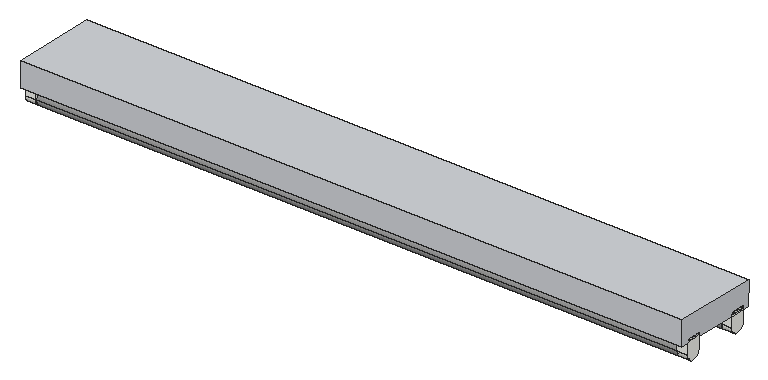
Revit family
Parameters (values of type "48"")
  Wattage Comments = "20"
  Lumens = 1200 lm
  Light Elevation [instance] = 4' - 6"
  Length = 4' - 0"
  Lamp = "T-12"
  Assembly Code = "D5020210"
Types (2): name | Wattage Comments | Lumens | Length
  48" | "20" | 1200 lm | 4' - 0"
  24" | "10" | 600 lm | 2' - 0"
Reference planes (in)
  plane 1 "Light Source Axis (F/B)": y = -8.60801
  plane 2: z = 0
  plane 3 "Light Source Axis (L/R)": x = 0
  plane 4 "Light Source Elevation": z = 53
  plane 5 "Left": x = -24
  plane 6 "Right": x = 24
  plane 7: x = -23.25
  plane 8: x = 23.25
  plane 9: z = 54
  plane 10: z = 53.75
  plane 11: y = -10.60801
Forms (in)
  Extrusion 1, solid, material "Metal - Paint Finish - Ivory,Glossy"
    sketch origin (0, -2, 0) x (0, 1, 0) y (0, 0, 1)
      loop
        line (-8.10801, 54) -> (-9.10801, 54) -> (-9.10801, 53)
        arc (-9.10801, 53) -> (-8.60801, 52.5) -> (-8.10801, 53) r 0.5
        line (-8.10801, 53) -> (-8.10801, 54)
    from -24 to -23.25
  Extrusion 2, solid, material "Metal - Paint Finish - Ivory,Glossy"
    sketch origin (0, -0.875, 0) x (0, 1, 0) y (0, 0, 1)
      loop
        line (-9.23301, 54) -> (-10.23301, 54) -> (-10.23301, 53.75) -> (-9.23301, 53.75) -> (-9.23301, 54)
    from -23.25 to 23.25
  Extrusion 3, solid, material "Glass - White, High Luminance"
    sketch origin (0, -2, 0) x (0, 1, 0) y (0, 0, 1)
      loop
        circle (-8.60801, 53) r 0.5
    from -23.25 to 23.25
  Extrusion 4, solid, material "Metal - Paint Finish - Ivory,Glossy"
    sketch origin (0, -15.21603, 0) x (0, -1, 0) y (0, 0, -1)
      loop
        line (-8.10801, -54) -> (-8.10801, -53)
        arc (-8.10801, -53) -> (-8.60801, -52.5) -> (-9.10801, -53) r 0.5
        line (-9.10801, -53) -> (-9.10801, -54) -> (-8.10801, -54)
    from -24 to -23.25
  Extrusion 5, solid, material "Metal - Paint Finish - Ivory,Glossy"
    sketch origin (0, -16.34103, 0) x (0, -1, 0) y (0, 0, -1)
      loop
        line (-9.23301, -54) -> (-9.23301, -53.75) -> (-10.23301, -53.75) -> (-10.23301, -54) -> (-9.23301, -54)
    from -24 to 24
  Extrusion 6, solid, material "Glass - White, High Luminance"
    sketch origin (0, -15.21603, 0) x (0, -1, 0) y (0, 0, -1)
      loop
        circle (-8.60801, -53) r 0.5
    from -23.25 to 23.25
  Extrusion 7, solid
    sketch origin (0, 0, 0) x (0, 1, 0) y (0, 0, 1)
      loop
        line (-5.60801, 53.75) -> (-5.60801, 55.5) -> (-11.60801, 55.5) -> (-11.60801, 53.75) -> (-5.60801, 53.75)
    from -24 to 24
  Extrusion 8, solid, material "Metal - Paint Finish - Ivory,Glossy"
    sketch origin (0, -2, 0) x (0, 1, 0) y (0, 0, 1)
      loop
        line (-8.10801, 54) -> (-9.10801, 54) -> (-9.10801, 53)
        arc (-9.10801, 53) -> (-8.60801, 52.5) -> (-8.10801, 53) r 0.5
        line (-8.10801, 53) -> (-8.10801, 54)
    from 24 to 23.25
  Extrusion 9, solid, material "Metal - Paint Finish - Ivory,Glossy"
    sketch origin (0, 2, 0) x (0, 1, 0) y (0, 0, 1)
      loop
        line (-8.10801, 54) -> (-9.10801, 54) -> (-9.10801, 53)
        arc (-9.10801, 53) -> (-8.60801, 52.5) -> (-8.10801, 53) r 0.5
        line (-8.10801, 53) -> (-8.10801, 54)
    from 23.25 to 24
Lines and regions (in)
  symbolic lines, style "InvisibleLines"
    curve 1: line (-23.25, -8.60801, 53) -> (23.25, -8.60801, 53)
  model lines, style "InvisibleLines"
    curve 2: line (-23.25, -8.60801, 53.75) -> (23.25, -8.60801, 53.75)
Dimensions and locks (in)
  equal spacing: plane 5 "Left", plane 3 "Light Source Axis (L/R)", plane 6 "Right"
  "Length": plane 5 "Left" to plane 6 "Right"
  locked: plane 5 "Left" to plane 7 at 0.75
  locked: plane 8 to plane 6 "Right" at 0.75
  locked: plane 9 to plane 4 "Light Source Elevation" at 1
  "Light Elevation": plane 9 to level
  locked: plane 9 to plane 10 at 0.25
  plane 1 "Light Source Axis (F/B)" to plane 11 = 0' - 2"
  Extrusion 7 to Extrusion 7 = 0' - 6"
  equal spacing: Extrusion 7, plane 1 "Light Source Axis (F/B)", Extrusion 7
  Extrusion 7 sketch curve to Extrusion 7 sketch curve = 0' - 6"
  Extrusion 7 sketch curve to Extrusion 7 sketch curve = 0' - 1 3/4"
  aligned and locked: curve 1 to plane 1 "Light Source Axis (F/B)"
  aligned and locked: Extrusion 1 to plane 5 "Left"
  aligned and locked: plane 10 to Extrusion 2 sketch curve
  aligned and locked: Extrusion 1 to plane 7
  aligned and locked: Extrusion 2 to plane 8
  aligned and locked: plane 7 to Extrusion 2
  aligned and locked: Extrusion 3 to plane 8
  aligned and locked: plane 7 to Extrusion 3
  aligned and locked: Extrusion 2 to Extrusion 1
  aligned and locked: Extrusion 5 to Extrusion 4
  aligned and locked: Extrusion 7 to plane 5 "Left"
  aligned and locked: plane 6 "Right" to Extrusion 7
  aligned and locked: plane 6 "Right" to Extrusion 8
  aligned and locked: plane 8 to Extrusion 8
  aligned and locked: plane 6 "Right" to Extrusion 9
  aligned and locked: plane 8 to Extrusion 9
  aligned and locked: Extrusion 6 to plane 8
  aligned and locked: Extrusion 4 to plane 5 "Left"
  aligned and locked: plane 7 to Extrusion 6
  aligned and locked: Extrusion 4 to plane 7
  aligned and locked: plane 6 "Right" to Extrusion 5
  aligned and locked: Extrusion 5 to plane 5 "Left"
  aligned and locked: plane 10 to curve 2
  aligned: curve 2 to Extrusion 2  (x2)
Automatic sketch dimensions
  curve 1 to plane 7 = 0' - 0"
  curve 1 to plane 8 = 0' - 0"
  Extrusion 1 sketch curve to plane 4 "Light Source Elevation" = 0' - 0"
  Extrusion 1 sketch curve to plane 9 = 0' - 0"
  Extrusion 1 sketch curve to plane 11 = 0' - 0"
  Extrusion 1 sketch curve to plane 11 = 0' - 0 1/2"
  Extrusion 2 sketch curve to plane 9 = 0' - 0"
  Extrusion 2 sketch curve to plane 11 = 0' - 0 1/2"
  plane 11 to Extrusion 2 sketch curve = 0' - 0 1/2"
  Extrusion 3 sketch curve to plane 4 "Light Source Elevation" = 0' - 0"
  Extrusion 3 sketch curve to plane 11 = 0' - 0"
  Extrusion 4 sketch curve to plane 4 "Light Source Elevation" = 0' - 0"
  Extrusion 4 sketch curve to plane 9 = 0' - 0"
  plane 1 "Light Source Axis (F/B)" to Extrusion 4 sketch curve = 0' - 2 1/2"
  Extrusion 4 sketch curve to Extrusion 4 sketch curve = 0' - 0 1/2"
  Extrusion 5 sketch curve to plane 9 = 0' - 0"
  Extrusion 5 sketch curve to plane 10 = 0' - 0"
  plane 1 "Light Source Axis (F/B)" to Extrusion 5 sketch curve = 0' - 2 1/2"
  Extrusion 5 sketch curve to Extrusion 5 sketch curve = 0' - 1"
  Extrusion 6 sketch curve to plane 4 "Light Source Elevation" = 0' - 0"
  plane 1 "Light Source Axis (F/B)" to Extrusion 6 sketch curve = 0' - 2"
  Extrusion 7 sketch curve to plane 10 = 0' - 0"
  Extrusion 7 sketch curve to plane 11 = 0' - 1"
  Extrusion 8 sketch curve to plane 4 "Light Source Elevation" = 0' - 0"
  Extrusion 8 sketch curve to plane 9 = 0' - 0"
  Extrusion 8 sketch curve to plane 11 = 0' - 0"
  Extrusion 8 sketch curve to plane 11 = 0' - 0 1/2"
  Extrusion 9 sketch curve to plane 4 "Light Source Elevation" = 0' - 0"
  Extrusion 9 sketch curve to plane 9 = 0' - 0"
  Extrusion 9 sketch curve to plane 1 "Light Source Axis (F/B)" = 0' - 1 1/2"
  Extrusion 9 sketch curve to Extrusion 9 sketch curve = 0' - 0 1/2"
  curve 2 to plane 7 = 0' - 0"
  curve 2 to plane 8 = 0' - 0"
  radius of Extrusion 3 sketch curve = 0' - 0 1/2"
  radius of Extrusion 6 sketch curve = 0' - 0 1/2"
